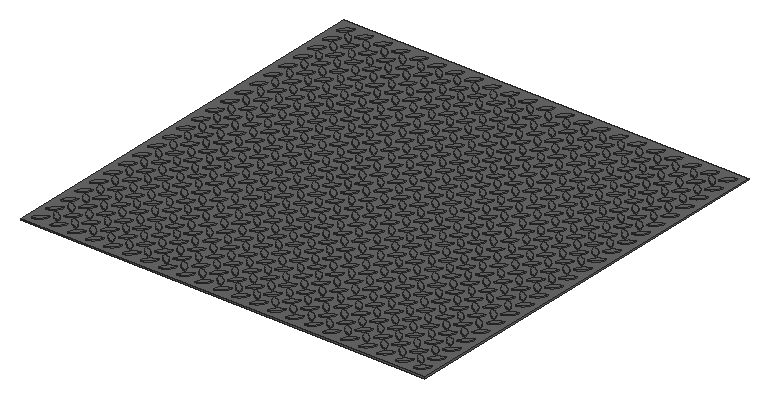
Revit family "141012021113804", category Modelos genéricos, Revit 2018 (continued)
Forms (mm)
  Blend 366, solid, material "Goma negro" <- "Material", detail levels fine
    top sketch origin (1323.494, 253.945, 0) x (-0.707107, -0.707107, 0) y (0.707107, -0.707107, 0)
      loop
        arc (794.539, -324.327) -> (799.889, -307.273) -> (794.539, -290.22) r 29.852
        arc (794.539, -290.22) -> (793.684, -289.773) -> (792.83, -290.22) r 1.041
    from 0 to 1
  Blend 367, solid, material "Goma negro" <- "Material", detail levels fine
    base sketch origin (133.555, 665.994, 0) x (0.707107, -0.707107, 0) y (0.707107, 0.707107, 0)
      loop
        arc (792.83, -290.22) -> (787.479, -307.273) -> (792.83, -324.327) r 29.852
        arc (792.83, -324.327) -> (793.684, -324.773) -> (794.539, -324.327) r 1.041
        arc (794.539, -324.327) -> (799.889, -307.273) -> (794.539, -290.22) r 29.852
        arc (794.539, -290.22) -> (793.684, -289.773) -> (792.83, -290.22) r 1.041
    top sketch origin (133.555, 665.994, 0) x (0.707107, -0.707107, 0) y (0.707107, 0.707107, 0)
      loop
        arc (792.83, -290.22) -> (787.479, -307.273) -> (792.83, -324.327) r 29.852
        arc (792.83, -324.327) -> (793.684, -324.773) -> (794.539, -324.327) r 1.041
        arc (794.539, -324.327) -> (799.889, -307.273) -> (794.539, -290.22) r 29.852
        arc (794.539, -290.22) -> (793.684, -289.773) -> (792.83, -290.22) r 1.041
    from 0 to 1
  Blend 368, solid, material "Goma negro" <- "Material", detail levels fine
    base sketch origin (1278.494, 253.945, 0) x (-0.707107, -0.707107, 0) y (0.707107, -0.707107, 0)
      loop
        arc (792.83, -290.22) -> (787.479, -307.273) -> (792.83, -324.327) r 29.852
        arc (792.83, -324.327) -> (793.684, -324.773) -> (794.539, -324.327) r 1.041
        arc (794.539, -324.327) -> (799.889, -307.273) -> (794.539, -290.22) r 29.852
        arc (794.539, -290.22) -> (793.684, -289.773) -> (792.83, -290.22) r 1.041
    top sketch origin (1278.494, 253.945, 0) x (-0.707107, -0.707107, 0) y (0.707107, -0.707107, 0)
      loop
        arc (792.83, -290.22) -> (787.479, -307.273) -> (792.83, -324.327) r 29.852
        arc (792.83, -324.327) -> (793.684, -324.773) -> (794.539, -324.327) r 1.041
        arc (794.539, -324.327) -> (799.889, -307.273) -> (794.539, -290.22) r 29.852
        arc (794.539, -290.22) -> (793.684, -289.773) -> (792.83, -290.22) r 1.041
    from 0 to 1
  Blend 369, solid, material "Goma negro" <- "Material", detail levels fine
    base sketch origin (88.555, 665.994, 0) x (0.707107, -0.707107, 0) y (0.707107, 0.707107, 0)
      loop
        arc (792.83, -290.22) -> (787.479, -307.273) -> (792.83, -324.327) r 29.852
        arc (792.83, -324.327) -> (793.684, -324.773) -> (794.539, -324.327) r 1.041
        arc (794.539, -324.327) -> (799.889, -307.273) -> (794.539, -290.22) r 29.852
        arc (794.539, -290.22) -> (793.684, -289.773) -> (792.83, -290.22) r 1.041
    top sketch origin (88.555, 665.994, 0) x (0.707107, -0.707107, 0) y (0.707107, 0.707107, 0)
      loop
        arc (792.83, -290.22) -> (787.479, -307.273) -> (792.83, -324.327) r 29.852
        arc (792.83, -324.327) -> (793.684, -324.773) -> (794.539, -324.327) r 1.041
        arc (794.539, -324.327) -> (799.889, -307.273) -> (794.539, -290.22) r 29.852
        arc (794.539, -290.22) -> (793.684, -289.773) -> (792.83, -290.22) r 1.041
    from 0 to 1
  Blend 370, solid, material "Goma negro" <- "Material", detail levels fine
    base sketch origin (1233.494, 253.945, 0) x (-0.707107, -0.707107, 0) y (0.707107, -0.707107, 0)
      loop
        arc (792.83, -290.22) -> (787.479, -307.273) -> (792.83, -324.327) r 29.852
        arc (792.83, -324.327) -> (793.684, -324.773) -> (794.539, -324.327) r 1.041
        arc (794.539, -324.327) -> (799.889, -307.273) -> (794.539, -290.22) r 29.852
        arc (794.539, -290.22) -> (793.684, -289.773) -> (792.83, -290.22) r 1.041
    top sketch origin (1233.494, 253.945, 0) x (-0.707107, -0.707107, 0) y (0.707107, -0.707107, 0)
      loop
        arc (792.83, -290.22) -> (787.479, -307.273) -> (792.83, -324.327) r 29.852
        arc (792.83, -324.327) -> (793.684, -324.773) -> (794.539, -324.327) r 1.041
        arc (794.539, -324.327) -> (799.889, -307.273) -> (794.539, -290.22) r 29.852
        arc (794.539, -290.22) -> (793.684, -289.773) -> (792.83, -290.22) r 1.041
    from 0 to 1
  Blend 371, solid, material "Goma negro" <- "Material", detail levels fine
    base sketch origin (43.555, 665.994, 0) x (0.707107, -0.707107, 0) y (0.707107, 0.707107, 0)
      loop
        arc (792.83, -290.22) -> (787.479, -307.273) -> (792.83, -324.327) r 29.852
        arc (792.83, -324.327) -> (793.684, -324.773) -> (794.539, -324.327) r 1.041
        arc (794.539, -324.327) -> (799.889, -307.273) -> (794.539, -290.22) r 29.852
        arc (794.539, -290.22) -> (793.684, -289.773) -> (792.83, -290.22) r 1.041
    top sketch origin (43.555, 665.994, 0) x (0.707107, -0.707107, 0) y (0.707107, 0.707107, 0)
      loop
        arc (792.83, -290.22) -> (787.479, -307.273) -> (792.83, -324.327) r 29.852
        arc (792.83, -324.327) -> (793.684, -324.773) -> (794.539, -324.327) r 1.041
        arc (794.539, -324.327) -> (799.889, -307.273) -> (794.539, -290.22) r 29.852
        arc (794.539, -290.22) -> (793.684, -289.773) -> (792.83, -290.22) r 1.041
    from 0 to 1
  Blend 372, solid, material "Goma negro" <- "Material", detail levels fine
    base sketch origin (1188.494, 253.945, 0) x (-0.707107, -0.707107, 0) y (0.707107, -0.707107, 0)
      loop
        arc (792.83, -290.22) -> (787.479, -307.273) -> (792.83, -324.327) r 29.852
        arc (792.83, -324.327) -> (793.684, -324.773) -> (794.539, -324.327) r 1.041
        arc (794.539, -324.327) -> (799.889, -307.273) -> (794.539, -290.22) r 29.852
        arc (794.539, -290.22) -> (793.684, -289.773) -> (792.83, -290.22) r 1.041
    top sketch origin (1188.494, 253.945, 0) x (-0.707107, -0.707107, 0) y (0.707107, -0.707107, 0)
      loop
        arc (792.83, -290.22) -> (787.479, -307.273) -> (792.83, -324.327) r 29.852
        arc (792.83, -324.327) -> (793.684, -324.773) -> (794.539, -324.327) r 1.041
        arc (794.539, -324.327) -> (799.889, -307.273) -> (794.539, -290.22) r 29.852
        arc (794.539, -290.22) -> (793.684, -289.773) -> (792.83, -290.22) r 1.041
    from 0 to 1
  Blend 373, solid, material "Goma negro" <- "Material", detail levels fine
    base sketch origin (-1.445, 665.994, 0) x (0.707107, -0.707107, 0) y (0.707107, 0.707107, 0)
      loop
        arc (792.83, -290.22) -> (787.479, -307.273) -> (792.83, -324.327) r 29.852
        arc (792.83, -324.327) -> (793.684, -324.773) -> (794.539, -324.327) r 1.041
        arc (794.539, -324.327) -> (799.889, -307.273) -> (794.539, -290.22) r 29.852
        arc (794.539, -290.22) -> (793.684, -289.773) -> (792.83, -290.22) r 1.041
    top sketch origin (-1.445, 665.994, 0) x (0.707107, -0.707107, 0) y (0.707107, 0.707107, 0)
      loop
        arc (792.83, -290.22) -> (787.479, -307.273) -> (792.83, -324.327) r 29.852
        arc (792.83, -324.327) -> (793.684, -324.773) -> (794.539, -324.327) r 1.041
        arc (794.539, -324.327) -> (799.889, -307.273) -> (794.539, -290.22) r 29.852
        arc (794.539, -290.22) -> (793.684, -289.773) -> (792.83, -290.22) r 1.041
    from 0 to 1
  Blend 374, solid, material "Goma negro" <- "Material", detail levels fine
    base sketch origin (1143.494, 253.945, 0) x (-0.707107, -0.707107, 0) y (0.707107, -0.707107, 0)
      loop
        arc (792.83, -290.22) -> (787.479, -307.273) -> (792.83, -324.327) r 29.852
        arc (792.83, -324.327) -> (793.684, -324.773) -> (794.539, -324.327) r 1.041
        arc (794.539, -324.327) -> (799.889, -307.273) -> (794.539, -290.22) r 29.852
        arc (794.539, -290.22) -> (793.684, -289.773) -> (792.83, -290.22) r 1.041
    top sketch origin (1143.494, 253.945, 0) x (-0.707107, -0.707107, 0) y (0.707107, -0.707107, 0)
      loop
        arc (792.83, -290.22) -> (787.479, -307.273) -> (792.83, -324.327) r 29.852
        arc (792.83, -324.327) -> (793.684, -324.773) -> (794.539, -324.327) r 1.041
        arc (794.539, -324.327) -> (799.889, -307.273) -> (794.539, -290.22) r 29.852
        arc (794.539, -290.22) -> (793.684, -289.773) -> (792.83, -290.22) r 1.041
    from 0 to 1
  Blend 375, solid, material "Goma negro" <- "Material", detail levels fine
    base sketch origin (-46.445, 665.994, 0) x (0.707107, -0.707107, 0) y (0.707107, 0.707107, 0)
      loop
        arc (792.83, -290.22) -> (787.479, -307.273) -> (792.83, -324.327) r 29.852
        arc (792.83, -324.327) -> (793.684, -324.773) -> (794.539, -324.327) r 1.041
        arc (794.539, -324.327) -> (799.889, -307.273) -> (794.539, -290.22) r 29.852
        arc (794.539, -290.22) -> (793.684, -289.773) -> (792.83, -290.22) r 1.041
    top sketch origin (-46.445, 665.994, 0) x (0.707107, -0.707107, 0) y (0.707107, 0.707107, 0)
      loop
        arc (792.83, -290.22) -> (787.479, -307.273) -> (792.83, -324.327) r 29.852
        arc (792.83, -324.327) -> (793.684, -324.773) -> (794.539, -324.327) r 1.041
        arc (794.539, -324.327) -> (799.889, -307.273) -> (794.539, -290.22) r 29.852
        arc (794.539, -290.22) -> (793.684, -289.773) -> (792.83, -290.22) r 1.041
    from 0 to 1
  Blend 376, solid, material "Goma negro" <- "Material", detail levels fine
    base sketch origin (1098.494, 253.945, 0) x (-0.707107, -0.707107, 0) y (0.707107, -0.707107, 0)
      loop
        arc (792.83, -290.22) -> (787.479, -307.273) -> (792.83, -324.327) r 29.852
        arc (792.83, -324.327) -> (793.684, -324.773) -> (794.539, -324.327) r 1.041
        arc (794.539, -324.327) -> (799.889, -307.273) -> (794.539, -290.22) r 29.852
        arc (794.539, -290.22) -> (793.684, -289.773) -> (792.83, -290.22) r 1.041
    top sketch origin (1098.494, 253.945, 0) x (-0.707107, -0.707107, 0) y (0.707107, -0.707107, 0)
      loop
        arc (792.83, -290.22) -> (787.479, -307.273) -> (792.83, -324.327) r 29.852
        arc (792.83, -324.327) -> (793.684, -324.773) -> (794.539, -324.327) r 1.041
        arc (794.539, -324.327) -> (799.889, -307.273) -> (794.539, -290.22) r 29.852
        arc (794.539, -290.22) -> (793.684, -289.773) -> (792.83, -290.22) r 1.041
    from 0 to 1
  Blend 377, solid, material "Goma negro" <- "Material", detail levels fine
    base sketch origin (-91.445, 665.994, 0) x (0.707107, -0.707107, 0) y (0.707107, 0.707107, 0)
      loop
        arc (792.83, -290.22) -> (787.479, -307.273) -> (792.83, -324.327) r 29.852
        arc (792.83, -324.327) -> (793.684, -324.773) -> (794.539, -324.327) r 1.041
        arc (794.539, -324.327) -> (799.889, -307.273) -> (794.539, -290.22) r 29.852
        arc (794.539, -290.22) -> (793.684, -289.773) -> (792.83, -290.22) r 1.041
    top sketch origin (-91.445, 665.994, 0) x (0.707107, -0.707107, 0) y (0.707107, 0.707107, 0)
      loop
        arc (792.83, -290.22) -> (787.479, -307.273) -> (792.83, -324.327) r 29.852
        arc (792.83, -324.327) -> (793.684, -324.773) -> (794.539, -324.327) r 1.041
        arc (794.539, -324.327) -> (799.889, -307.273) -> (794.539, -290.22) r 29.852
        arc (794.539, -290.22) -> (793.684, -289.773) -> (792.83, -290.22) r 1.041
    from 0 to 1
  Blend 378, solid, material "Goma negro" <- "Material", detail levels fine
    base sketch origin (1053.494, 253.945, 0) x (-0.707107, -0.707107, 0) y (0.707107, -0.707107, 0)
      loop
        arc (792.83, -290.22) -> (787.479, -307.273) -> (792.83, -324.327) r 29.852
        arc (792.83, -324.327) -> (793.684, -324.773) -> (794.539, -324.327) r 1.041
        arc (794.539, -324.327) -> (799.889, -307.273) -> (794.539, -290.22) r 29.852
        arc (794.539, -290.22) -> (793.684, -289.773) -> (792.83, -290.22) r 1.041
    top sketch origin (1053.494, 253.945, 0) x (-0.707107, -0.707107, 0) y (0.707107, -0.707107, 0)
      loop
        arc (792.83, -290.22) -> (787.479, -307.273) -> (792.83, -324.327) r 29.852
        arc (792.83, -324.327) -> (793.684, -324.773) -> (794.539, -324.327) r 1.041
        arc (794.539, -324.327) -> (799.889, -307.273) -> (794.539, -290.22) r 29.852
        arc (794.539, -290.22) -> (793.684, -289.773) -> (792.83, -290.22) r 1.041
    from 0 to 1
  Blend 379, solid, material "Goma negro" <- "Material", detail levels fine
    base sketch origin (-136.445, 665.994, 0) x (0.707107, -0.707107, 0) y (0.707107, 0.707107, 0)
      loop
        arc (792.83, -290.22) -> (787.479, -307.273) -> (792.83, -324.327) r 29.852
        arc (792.83, -324.327) -> (793.684, -324.773) -> (794.539, -324.327) r 1.041
        arc (794.539, -324.327) -> (799.889, -307.273) -> (794.539, -290.22) r 29.852
        arc (794.539, -290.22) -> (793.684, -289.773) -> (792.83, -290.22) r 1.041
    top sketch origin (-136.445, 665.994, 0) x (0.707107, -0.707107, 0) y (0.707107, 0.707107, 0)
      loop
        arc (792.83, -290.22) -> (787.479, -307.273) -> (792.83, -324.327) r 29.852
        arc (792.83, -324.327) -> (793.684, -324.773) -> (794.539, -324.327) r 1.041
        arc (794.539, -324.327) -> (799.889, -307.273) -> (794.539, -290.22) r 29.852
        arc (794.539, -290.22) -> (793.684, -289.773) -> (792.83, -290.22) r 1.041
    from 0 to 1
  Blend 380, solid, material "Goma negro" <- "Material", detail levels fine
    base sketch origin (1008.494, 253.945, 0) x (-0.707107, -0.707107, 0) y (0.707107, -0.707107, 0)
      loop
        arc (792.83, -290.22) -> (787.479, -307.273) -> (792.83, -324.327) r 29.852
        arc (792.83, -324.327) -> (793.684, -324.773) -> (794.539, -324.327) r 1.041
        arc (794.539, -324.327) -> (799.889, -307.273) -> (794.539, -290.22) r 29.852
        arc (794.539, -290.22) -> (793.684, -289.773) -> (792.83, -290.22) r 1.041
    top sketch origin (1008.494, 253.945, 0) x (-0.707107, -0.707107, 0) y (0.707107, -0.707107, 0)
      loop
        arc (792.83, -290.22) -> (787.479, -307.273) -> (792.83, -324.327) r 29.852
        arc (792.83, -324.327) -> (793.684, -324.773) -> (794.539, -324.327) r 1.041
        arc (794.539, -324.327) -> (799.889, -307.273) -> (794.539, -290.22) r 29.852
        arc (794.539, -290.22) -> (793.684, -289.773) -> (792.83, -290.22) r 1.041
    from 0 to 1
  Blend 381, solid, material "Goma negro" <- "Material", detail levels fine
    base sketch origin (-181.445, 665.994, 0) x (0.707107, -0.707107, 0) y (0.707107, 0.707107, 0)
      loop
        arc (792.83, -290.22) -> (787.479, -307.273) -> (792.83, -324.327) r 29.852
        arc (792.83, -324.327) -> (793.684, -324.773) -> (794.539, -324.327) r 1.041
        arc (794.539, -324.327) -> (799.889, -307.273) -> (794.539, -290.22) r 29.852
        arc (794.539, -290.22) -> (793.684, -289.773) -> (792.83, -290.22) r 1.041
    top sketch origin (-181.445, 665.994, 0) x (0.707107, -0.707107, 0) y (0.707107, 0.707107, 0)
      loop
        arc (792.83, -290.22) -> (787.479, -307.273) -> (792.83, -324.327) r 29.852
        arc (792.83, -324.327) -> (793.684, -324.773) -> (794.539, -324.327) r 1.041
        arc (794.539, -324.327) -> (799.889, -307.273) -> (794.539, -290.22) r 29.852
        arc (794.539, -290.22) -> (793.684, -289.773) -> (792.83, -290.22) r 1.041
    from 0 to 1
  Blend 382, solid, material "Goma negro" <- "Material", detail levels fine
    base sketch origin (963.494, 253.945, 0) x (-0.707107, -0.707107, 0) y (0.707107, -0.707107, 0)
      loop
        arc (792.83, -290.22) -> (787.479, -307.273) -> (792.83, -324.327) r 29.852
        arc (792.83, -324.327) -> (793.684, -324.773) -> (794.539, -324.327) r 1.041
        arc (794.539, -324.327) -> (799.889, -307.273) -> (794.539, -290.22) r 29.852
        arc (794.539, -290.22) -> (793.684, -289.773) -> (792.83, -290.22) r 1.041
    top sketch origin (963.494, 253.945, 0) x (-0.707107, -0.707107, 0) y (0.707107, -0.707107, 0)
      loop
        arc (792.83, -290.22) -> (787.479, -307.273) -> (792.83, -324.327) r 29.852
        arc (792.83, -324.327) -> (793.684, -324.773) -> (794.539, -324.327) r 1.041
        arc (794.539, -324.327) -> (799.889, -307.273) -> (794.539, -290.22) r 29.852
        arc (794.539, -290.22) -> (793.684, -289.773) -> (792.83, -290.22) r 1.041
    from 0 to 1
  Blend 383, solid, material "Goma negro" <- "Material", detail levels fine
    base sketch origin (-226.445, 665.994, 0) x (0.707107, -0.707107, 0) y (0.707107, 0.707107, 0)
      loop
        arc (792.83, -290.22) -> (787.479, -307.273) -> (792.83, -324.327) r 29.852
        arc (792.83, -324.327) -> (793.684, -324.773) -> (794.539, -324.327) r 1.041
        arc (794.539, -324.327) -> (799.889, -307.273) -> (794.539, -290.22) r 29.852
        arc (794.539, -290.22) -> (793.684, -289.773) -> (792.83, -290.22) r 1.041
    top sketch origin (-226.445, 665.994, 0) x (0.707107, -0.707107, 0) y (0.707107, 0.707107, 0)
      loop
        arc (792.83, -290.22) -> (787.479, -307.273) -> (792.83, -324.327) r 29.852
        arc (792.83, -324.327) -> (793.684, -324.773) -> (794.539, -324.327) r 1.041
        arc (794.539, -324.327) -> (799.889, -307.273) -> (794.539, -290.22) r 29.852
        arc (794.539, -290.22) -> (793.684, -289.773) -> (792.83, -290.22) r 1.041
    from 0 to 1
  Blend 384, solid, material "Goma negro" <- "Material", detail levels fine
    base sketch origin (918.494, 253.945, 0) x (-0.707107, -0.707107, 0) y (0.707107, -0.707107, 0)
      loop
        arc (792.83, -290.22) -> (787.479, -307.273) -> (792.83, -324.327) r 29.852
        arc (792.83, -324.327) -> (793.684, -324.773) -> (794.539, -324.327) r 1.041
        arc (794.539, -324.327) -> (799.889, -307.273) -> (794.539, -290.22) r 29.852
        arc (794.539, -290.22) -> (793.684, -289.773) -> (792.83, -290.22) r 1.041
    top sketch origin (918.494, 253.945, 0) x (-0.707107, -0.707107, 0) y (0.707107, -0.707107, 0)
      loop
        arc (792.83, -290.22) -> (787.479, -307.273) -> (792.83, -324.327) r 29.852
        arc (792.83, -324.327) -> (793.684, -324.773) -> (794.539, -324.327) r 1.041
        arc (794.539, -324.327) -> (799.889, -307.273) -> (794.539, -290.22) r 29.852
        arc (794.539, -290.22) -> (793.684, -289.773) -> (792.83, -290.22) r 1.041
    from 0 to 1
  Blend 385, solid, material "Goma negro" <- "Material", detail levels fine
    base sketch origin (-271.445, 665.994, 0) x (0.707107, -0.707107, 0) y (0.707107, 0.707107, 0)
      loop
        arc (792.83, -290.22) -> (787.479, -307.273) -> (792.83, -324.327) r 29.852
        arc (792.83, -324.327) -> (793.684, -324.773) -> (794.539, -324.327) r 1.041
        arc (794.539, -324.327) -> (799.889, -307.273) -> (794.539, -290.22) r 29.852
        arc (794.539, -290.22) -> (793.684, -289.773) -> (792.83, -290.22) r 1.041
    top sketch origin (-271.445, 665.994, 0) x (0.707107, -0.707107, 0) y (0.707107, 0.707107, 0)
      loop
        arc (792.83, -290.22) -> (787.479, -307.273) -> (792.83, -324.327) r 29.852
        arc (792.83, -324.327) -> (793.684, -324.773) -> (794.539, -324.327) r 1.041
        arc (794.539, -324.327) -> (799.889, -307.273) -> (794.539, -290.22) r 29.852
        arc (794.539, -290.22) -> (793.684, -289.773) -> (792.83, -290.22) r 1.041
    from 0 to 1
  Blend 386, solid, material "Goma negro" <- "Material", detail levels fine
    base sketch origin (873.494, 253.945, 0) x (-0.707107, -0.707107, 0) y (0.707107, -0.707107, 0)
      loop
        arc (792.83, -290.22) -> (787.479, -307.273) -> (792.83, -324.327) r 29.852
        arc (792.83, -324.327) -> (793.684, -324.773) -> (794.539, -324.327) r 1.041
        arc (794.539, -324.327) -> (799.889, -307.273) -> (794.539, -290.22) r 29.852
        arc (794.539, -290.22) -> (793.684, -289.773) -> (792.83, -290.22) r 1.041
    top sketch origin (873.494, 253.945, 0) x (-0.707107, -0.707107, 0) y (0.707107, -0.707107, 0)
      loop
        arc (792.83, -290.22) -> (787.479, -307.273) -> (792.83, -324.327) r 29.852
        arc (792.83, -324.327) -> (793.684, -324.773) -> (794.539, -324.327) r 1.041
        arc (794.539, -324.327) -> (799.889, -307.273) -> (794.539, -290.22) r 29.852
        arc (794.539, -290.22) -> (793.684, -289.773) -> (792.83, -290.22) r 1.041
    from 0 to 1
  Blend 387, solid, material "Goma negro" <- "Material", detail levels fine
    base sketch origin (-316.445, 665.994, 0) x (0.707107, -0.707107, 0) y (0.707107, 0.707107, 0)
      loop
        arc (792.83, -290.22) -> (787.479, -307.273) -> (792.83, -324.327) r 29.852
        arc (792.83, -324.327) -> (793.684, -324.773) -> (794.539, -324.327) r 1.041
        arc (794.539, -324.327) -> (799.889, -307.273) -> (794.539, -290.22) r 29.852
        arc (794.539, -290.22) -> (793.684, -289.773) -> (792.83, -290.22) r 1.041
    top sketch origin (-316.445, 665.994, 0) x (0.707107, -0.707107, 0) y (0.707107, 0.707107, 0)
      loop
        arc (792.83, -290.22) -> (787.479, -307.273) -> (792.83, -324.327) r 29.852
        arc (792.83, -324.327) -> (793.684, -324.773) -> (794.539, -324.327) r 1.041
        arc (794.539, -324.327) -> (799.889, -307.273) -> (794.539, -290.22) r 29.852
        arc (794.539, -290.22) -> (793.684, -289.773) -> (792.83, -290.22) r 1.041
    from 0 to 1
  Blend 388, solid, material "Goma negro" <- "Material", detail levels fine
    base sketch origin (828.494, 253.945, 0) x (-0.707107, -0.707107, 0) y (0.707107, -0.707107, 0)
      loop
        arc (792.83, -290.22) -> (787.479, -307.273) -> (792.83, -324.327) r 29.852
        arc (792.83, -324.327) -> (793.684, -324.773) -> (794.539, -324.327) r 1.041
        arc (794.539, -324.327) -> (799.889, -307.273) -> (794.539, -290.22) r 29.852
        arc (794.539, -290.22) -> (793.684, -289.773) -> (792.83, -290.22) r 1.041
    top sketch origin (828.494, 253.945, 0) x (-0.707107, -0.707107, 0) y (0.707107, -0.707107, 0)
      loop
        arc (792.83, -290.22) -> (787.479, -307.273) -> (792.83, -324.327) r 29.852
        arc (792.83, -324.327) -> (793.684, -324.773) -> (794.539, -324.327) r 1.041
        arc (794.539, -324.327) -> (799.889, -307.273) -> (794.539, -290.22) r 29.852
        arc (794.539, -290.22) -> (793.684, -289.773) -> (792.83, -290.22) r 1.041
    from 0 to 1
  Blend 389, solid, material "Goma negro" <- "Material", detail levels fine
    base sketch origin (628.555, 710.994, 0) x (0.707107, -0.707107, 0) y (0.707107, 0.707107, 0)
      loop
        arc (792.83, -290.22) -> (787.479, -307.273) -> (792.83, -324.327) r 29.852
        arc (792.83, -324.327) -> (793.684, -324.773) -> (794.539, -324.327) r 1.041
        arc (794.539, -324.327) -> (799.889, -307.273) -> (794.539, -290.22) r 29.852
        arc (794.539, -290.22) -> (793.684, -289.773) -> (792.83, -290.22) r 1.041
    top sketch origin (628.555, 710.994, 0) x (0.707107, -0.707107, 0) y (0.707107, 0.707107, 0)
      loop
        arc (792.83, -290.22) -> (787.479, -307.273) -> (792.83, -324.327) r 29.852
        arc (792.83, -324.327) -> (793.684, -324.773) -> (794.539, -324.327) r 1.041
        arc (794.539, -324.327) -> (799.889, -307.273) -> (794.539, -290.22) r 29.852
        arc (794.539, -290.22) -> (793.684, -289.773) -> (792.83, -290.22) r 1.041
    from 0 to 1
  Blend 390, solid, material "Goma negro" <- "Material", detail levels fine
    base sketch origin (583.555, 710.994, 0) x (0.707107, -0.707107, 0) y (0.707107, 0.707107, 0)
      loop
        arc (792.83, -290.22) -> (787.479, -307.273) -> (792.83, -324.327) r 29.852
        arc (792.83, -324.327) -> (793.684, -324.773) -> (794.539, -324.327) r 1.041
        arc (794.539, -324.327) -> (799.889, -307.273) -> (794.539, -290.22) r 29.852
        arc (794.539, -290.22) -> (793.684, -289.773) -> (792.83, -290.22) r 1.041
    top sketch origin (583.555, 710.994, 0) x (0.707107, -0.707107, 0) y (0.707107, 0.707107, 0)
      loop
        arc (792.83, -290.22) -> (787.479, -307.273) -> (792.83, -324.327) r 29.852
        arc (792.83, -324.327) -> (793.684, -324.773) -> (794.539, -324.327) r 1.041
        arc (794.539, -324.327) -> (799.889, -307.273) -> (794.539, -290.22) r 29.852
        arc (794.539, -290.22) -> (793.684, -289.773) -> (792.83, -290.22) r 1.041
    from 0 to 1
  Blend 391, solid, material "Goma negro" <- "Material", detail levels fine
    base sketch origin (1728.494, 298.945, 0) x (-0.707107, -0.707107, 0) y (0.707107, -0.707107, 0)
      loop
        arc (792.83, -290.22) -> (787.479, -307.273) -> (792.83, -324.327) r 29.852
        arc (792.83, -324.327) -> (793.684, -324.773) -> (794.539, -324.327) r 1.041
        arc (794.539, -324.327) -> (799.889, -307.273) -> (794.539, -290.22) r 29.852
        arc (794.539, -290.22) -> (793.684, -289.773) -> (792.83, -290.22) r 1.041
    top sketch origin (1728.494, 298.945, 0) x (-0.707107, -0.707107, 0) y (0.707107, -0.707107, 0)
      loop
        arc (792.83, -290.22) -> (787.479, -307.273) -> (792.83, -324.327) r 29.852
        arc (792.83, -324.327) -> (793.684, -324.773) -> (794.539, -324.327) r 1.041
        arc (794.539, -324.327) -> (799.889, -307.273) -> (794.539, -290.22) r 29.852
        arc (794.539, -290.22) -> (793.684, -289.773) -> (792.83, -290.22) r 1.041
    from 0 to 1
  Blend 392, solid, material "Goma negro" <- "Material", detail levels fine
    base sketch origin (538.555, 710.994, 0) x (0.707107, -0.707107, 0) y (0.707107, 0.707107, 0)
      loop
        arc (792.83, -290.22) -> (787.479, -307.273) -> (792.83, -324.327) r 29.852
        arc (792.83, -324.327) -> (793.684, -324.773) -> (794.539, -324.327) r 1.041
        arc (794.539, -324.327) -> (799.889, -307.273) -> (794.539, -290.22) r 29.852
        arc (794.539, -290.22) -> (793.684, -289.773) -> (792.83, -290.22) r 1.041
    top sketch origin (538.555, 710.994, 0) x (0.707107, -0.707107, 0) y (0.707107, 0.707107, 0)
      loop
        arc (792.83, -290.22) -> (787.479, -307.273) -> (792.83, -324.327) r 29.852
        arc (792.83, -324.327) -> (793.684, -324.773) -> (794.539, -324.327) r 1.041
        arc (794.539, -324.327) -> (799.889, -307.273) -> (794.539, -290.22) r 29.852
        arc (794.539, -290.22) -> (793.684, -289.773) -> (792.83, -290.22) r 1.041
    from 0 to 1
  Blend 393, solid, material "Goma negro" <- "Material", detail levels fine
    base sketch origin (1683.494, 298.945, 0) x (-0.707107, -0.707107, 0) y (0.707107, -0.707107, 0)
      loop
        arc (792.83, -290.22) -> (787.479, -307.273) -> (792.83, -324.327) r 29.852
        arc (792.83, -324.327) -> (793.684, -324.773) -> (794.539, -324.327) r 1.041
        arc (794.539, -324.327) -> (799.889, -307.273) -> (794.539, -290.22) r 29.852
        arc (794.539, -290.22) -> (793.684, -289.773) -> (792.83, -290.22) r 1.041
    top sketch origin (1683.494, 298.945, 0) x (-0.707107, -0.707107, 0) y (0.707107, -0.707107, 0)
      loop
        arc (792.83, -290.22) -> (787.479, -307.273) -> (792.83, -324.327) r 29.852
        arc (792.83, -324.327) -> (793.684, -324.773) -> (794.539, -324.327) r 1.041
        arc (794.539, -324.327) -> (799.889, -307.273) -> (794.539, -290.22) r 29.852
        arc (794.539, -290.22) -> (793.684, -289.773) -> (792.83, -290.22) r 1.041
    from 0 to 1
  Blend 394, solid, material "Goma negro" <- "Material", detail levels fine
    base sketch origin (493.555, 710.994, 0) x (0.707107, -0.707107, 0) y (0.707107, 0.707107, 0)
      loop
        arc (792.83, -290.22) -> (787.479, -307.273) -> (792.83, -324.327) r 29.852
        arc (792.83, -324.327) -> (793.684, -324.773) -> (794.539, -324.327) r 1.041
        arc (794.539, -324.327) -> (799.889, -307.273) -> (794.539, -290.22) r 29.852
        arc (794.539, -290.22) -> (793.684, -289.773) -> (792.83, -290.22) r 1.041
    top sketch origin (493.555, 710.994, 0) x (0.707107, -0.707107, 0) y (0.707107, 0.707107, 0)
      loop
        arc (792.83, -290.22) -> (787.479, -307.273) -> (792.83, -324.327) r 29.852
        arc (792.83, -324.327) -> (793.684, -324.773) -> (794.539, -324.327) r 1.041
        arc (794.539, -324.327) -> (799.889, -307.273) -> (794.539, -290.22) r 29.852
        arc (794.539, -290.22) -> (793.684, -289.773) -> (792.83, -290.22) r 1.041
    from 0 to 1
  Blend 395, solid, material "Goma negro" <- "Material", detail levels fine
    base sketch origin (1638.494, 298.945, 0) x (-0.707107, -0.707107, 0) y (0.707107, -0.707107, 0)
      loop
        arc (792.83, -290.22) -> (787.479, -307.273) -> (792.83, -324.327) r 29.852
        arc (792.83, -324.327) -> (793.684, -324.773) -> (794.539, -324.327) r 1.041
        arc (794.539, -324.327) -> (799.889, -307.273) -> (794.539, -290.22) r 29.852
        arc (794.539, -290.22) -> (793.684, -289.773) -> (792.83, -290.22) r 1.041
    top sketch origin (1638.494, 298.945, 0) x (-0.707107, -0.707107, 0) y (0.707107, -0.707107, 0)
      loop
        arc (792.83, -290.22) -> (787.479, -307.273) -> (792.83, -324.327) r 29.852
        arc (792.83, -324.327) -> (793.684, -324.773) -> (794.539, -324.327) r 1.041
        arc (794.539, -324.327) -> (799.889, -307.273) -> (794.539, -290.22) r 29.852
        arc (794.539, -290.22) -> (793.684, -289.773) -> (792.83, -290.22) r 1.041
    from 0 to 1
  Blend 396, solid, material "Goma negro" <- "Material", detail levels fine
    base sketch origin (448.555, 710.994, 0) x (0.707107, -0.707107, 0) y (0.707107, 0.707107, 0)
      loop
        arc (792.83, -290.22) -> (787.479, -307.273) -> (792.83, -324.327) r 29.852
        arc (792.83, -324.327) -> (793.684, -324.773) -> (794.539, -324.327) r 1.041
        arc (794.539, -324.327) -> (799.889, -307.273) -> (794.539, -290.22) r 29.852
        arc (794.539, -290.22) -> (793.684, -289.773) -> (792.83, -290.22) r 1.041
    top sketch origin (448.555, 710.994, 0) x (0.707107, -0.707107, 0) y (0.707107, 0.707107, 0)
      loop
        arc (792.83, -290.22) -> (787.479, -307.273) -> (792.83, -324.327) r 29.852
        arc (792.83, -324.327) -> (793.684, -324.773) -> (794.539, -324.327) r 1.041
        arc (794.539, -324.327) -> (799.889, -307.273) -> (794.539, -290.22) r 29.852
        arc (794.539, -290.22) -> (793.684, -289.773) -> (792.83, -290.22) r 1.041
    from 0 to 1
  Blend 397, solid, material "Goma negro" <- "Material", detail levels fine
    base sketch origin (1593.494, 298.945, 0) x (-0.707107, -0.707107, 0) y (0.707107, -0.707107, 0)
      loop
        arc (792.83, -290.22) -> (787.479, -307.273) -> (792.83, -324.327) r 29.852
        arc (792.83, -324.327) -> (793.684, -324.773) -> (794.539, -324.327) r 1.041
        arc (794.539, -324.327) -> (799.889, -307.273) -> (794.539, -290.22) r 29.852
        arc (794.539, -290.22) -> (793.684, -289.773) -> (792.83, -290.22) r 1.041
    top sketch origin (1593.494, 298.945, 0) x (-0.707107, -0.707107, 0) y (0.707107, -0.707107, 0)
      loop
        arc (792.83, -290.22) -> (787.479, -307.273) -> (792.83, -324.327) r 29.852
        arc (792.83, -324.327) -> (793.684, -324.773) -> (794.539, -324.327) r 1.041
        arc (794.539, -324.327) -> (799.889, -307.273) -> (794.539, -290.22) r 29.852
        arc (794.539, -290.22) -> (793.684, -289.773) -> (792.83, -290.22) r 1.041
    from 0 to 1
  Blend 398, solid, material "Goma negro" <- "Material", detail levels fine
    base sketch origin (403.555, 710.994, 0) x (0.707107, -0.707107, 0) y (0.707107, 0.707107, 0)
      loop
        arc (792.83, -290.22) -> (787.479, -307.273) -> (792.83, -324.327) r 29.852
        arc (792.83, -324.327) -> (793.684, -324.773) -> (794.539, -324.327) r 1.041
        arc (794.539, -324.327) -> (799.889, -307.273) -> (794.539, -290.22) r 29.852
        arc (794.539, -290.22) -> (793.684, -289.773) -> (792.83, -290.22) r 1.041
    top sketch origin (403.555, 710.994, 0) x (0.707107, -0.707107, 0) y (0.707107, 0.707107, 0)
      loop
        arc (792.83, -290.22) -> (787.479, -307.273) -> (792.83, -324.327) r 29.852
        arc (792.83, -324.327) -> (793.684, -324.773) -> (794.539, -324.327) r 1.041
        arc (794.539, -324.327) -> (799.889, -307.273) -> (794.539, -290.22) r 29.852
        arc (794.539, -290.22) -> (793.684, -289.773) -> (792.83, -290.22) r 1.041
    from 0 to 1
  Blend 399, solid, material "Goma negro" <- "Material", detail levels fine
    base sketch origin (1548.494, 298.945, 0) x (-0.707107, -0.707107, 0) y (0.707107, -0.707107, 0)
      loop
        arc (792.83, -290.22) -> (787.479, -307.273) -> (792.83, -324.327) r 29.852
        arc (792.83, -324.327) -> (793.684, -324.773) -> (794.539, -324.327) r 1.041
        arc (794.539, -324.327) -> (799.889, -307.273) -> (794.539, -290.22) r 29.852
        arc (794.539, -290.22) -> (793.684, -289.773) -> (792.83, -290.22) r 1.041
    top sketch origin (1548.494, 298.945, 0) x (-0.707107, -0.707107, 0) y (0.707107, -0.707107, 0)
      loop
        arc (792.83, -290.22) -> (787.479, -307.273) -> (792.83, -324.327) r 29.852
        arc (792.83, -324.327) -> (793.684, -324.773) -> (794.539, -324.327) r 1.041
        arc (794.539, -324.327) -> (799.889, -307.273) -> (794.539, -290.22) r 29.852
        arc (794.539, -290.22) -> (793.684, -289.773) -> (792.83, -290.22) r 1.041
    from 0 to 1
  Blend 400, solid, material "Goma negro" <- "Material", detail levels fine
    base sketch origin (358.555, 710.994, 0) x (0.707107, -0.707107, 0) y (0.707107, 0.707107, 0)
      loop
        arc (792.83, -290.22) -> (787.479, -307.273) -> (792.83, -324.327) r 29.852
        arc (792.83, -324.327) -> (793.684, -324.773) -> (794.539, -324.327) r 1.041
        arc (794.539, -324.327) -> (799.889, -307.273) -> (794.539, -290.22) r 29.852
        arc (794.539, -290.22) -> (793.684, -289.773) -> (792.83, -290.22) r 1.041
    top sketch origin (358.555, 710.994, 0) x (0.707107, -0.707107, 0) y (0.707107, 0.707107, 0)
      loop
        arc (792.83, -290.22) -> (787.479, -307.273) -> (792.83, -324.327) r 29.852
        arc (792.83, -324.327) -> (793.684, -324.773) -> (794.539, -324.327) r 1.041
        arc (794.539, -324.327) -> (799.889, -307.273) -> (794.539, -290.22) r 29.852
        arc (794.539, -290.22) -> (793.684, -289.773) -> (792.83, -290.22) r 1.041
    from 0 to 1
  Blend 401, solid, material "Goma negro" <- "Material", detail levels fine
    base sketch origin (1503.494, 298.945, 0) x (-0.707107, -0.707107, 0) y (0.707107, -0.707107, 0)
      loop
        arc (792.83, -290.22) -> (787.479, -307.273) -> (792.83, -324.327) r 29.852
        arc (792.83, -324.327) -> (793.684, -324.773) -> (794.539, -324.327) r 1.041
        arc (794.539, -324.327) -> (799.889, -307.273) -> (794.539, -290.22) r 29.852
        arc (794.539, -290.22) -> (793.684, -289.773) -> (792.83, -290.22) r 1.041
    top sketch origin (1503.494, 298.945, 0) x (-0.707107, -0.707107, 0) y (0.707107, -0.707107, 0)
      loop
        arc (792.83, -290.22) -> (787.479, -307.273) -> (792.83, -324.327) r 29.852
        arc (792.83, -324.327) -> (793.684, -324.773) -> (794.539, -324.327) r 1.041
        arc (794.539, -324.327) -> (799.889, -307.273) -> (794.539, -290.22) r 29.852
        arc (794.539, -290.22) -> (793.684, -289.773) -> (792.83, -290.22) r 1.041
    from 0 to 1
  Blend 402, solid, material "Goma negro" <- "Material", detail levels fine
    base sketch origin (313.555, 710.994, 0) x (0.707107, -0.707107, 0) y (0.707107, 0.707107, 0)
      loop
        arc (792.83, -290.22) -> (787.479, -307.273) -> (792.83, -324.327) r 29.852
        arc (792.83, -324.327) -> (793.684, -324.773) -> (794.539, -324.327) r 1.041
        arc (794.539, -324.327) -> (799.889, -307.273) -> (794.539, -290.22) r 29.852
        arc (794.539, -290.22) -> (793.684, -289.773) -> (792.83, -290.22) r 1.041
    top sketch origin (313.555, 710.994, 0) x (0.707107, -0.707107, 0) y (0.707107, 0.707107, 0)
      loop
        arc (792.83, -290.22) -> (787.479, -307.273) -> (792.83, -324.327) r 29.852
        arc (792.83, -324.327) -> (793.684, -324.773) -> (794.539, -324.327) r 1.041
        arc (794.539, -324.327) -> (799.889, -307.273) -> (794.539, -290.22) r 29.852
        arc (794.539, -290.22) -> (793.684, -289.773) -> (792.83, -290.22) r 1.041
    from 0 to 1
  Blend 403, solid, material "Goma negro" <- "Material", detail levels fine
    base sketch origin (1458.494, 298.945, 0) x (-0.707107, -0.707107, 0) y (0.707107, -0.707107, 0)
      loop
        arc (792.83, -290.22) -> (787.479, -307.273) -> (792.83, -324.327) r 29.852
        arc (792.83, -324.327) -> (793.684, -324.773) -> (794.539, -324.327) r 1.041
        arc (794.539, -324.327) -> (799.889, -307.273) -> (794.539, -290.22) r 29.852
        arc (794.539, -290.22) -> (793.684, -289.773) -> (792.83, -290.22) r 1.041
    top sketch origin (1458.494, 298.945, 0) x (-0.707107, -0.707107, 0) y (0.707107, -0.707107, 0)
      loop
        arc (792.83, -290.22) -> (787.479, -307.273) -> (792.83, -324.327) r 29.852
        arc (792.83, -324.327) -> (793.684, -324.773) -> (794.539, -324.327) r 1.041
        arc (794.539, -324.327) -> (799.889, -307.273) -> (794.539, -290.22) r 29.852
        arc (794.539, -290.22) -> (793.684, -289.773) -> (792.83, -290.22) r 1.041
    from 0 to 1
  Blend 404, solid, material "Goma negro" <- "Material", detail levels fine
    base sketch origin (268.555, 710.994, 0) x (0.707107, -0.707107, 0) y (0.707107, 0.707107, 0)
      loop
        arc (792.83, -290.22) -> (787.479, -307.273) -> (792.83, -324.327) r 29.852
        arc (792.83, -324.327) -> (793.684, -324.773) -> (794.539, -324.327) r 1.041
        arc (794.539, -324.327) -> (799.889, -307.273) -> (794.539, -290.22) r 29.852
        arc (794.539, -290.22) -> (793.684, -289.773) -> (792.83, -290.22) r 1.041
    top sketch origin (268.555, 710.994, 0) x (0.707107, -0.707107, 0) y (0.707107, 0.707107, 0)
      loop
        arc (792.83, -290.22) -> (787.479, -307.273) -> (792.83, -324.327) r 29.852
        arc (792.83, -324.327) -> (793.684, -324.773) -> (794.539, -324.327) r 1.041
        arc (794.539, -324.327) -> (799.889, -307.273) -> (794.539, -290.22) r 29.852
        arc (794.539, -290.22) -> (793.684, -289.773) -> (792.83, -290.22) r 1.041
    from 0 to 1
  Blend 405, solid, material "Goma negro" <- "Material", detail levels fine
    base sketch origin (1413.494, 298.945, 0) x (-0.707107, -0.707107, 0) y (0.707107, -0.707107, 0)
      loop
        arc (792.83, -290.22) -> (787.479, -307.273) -> (792.83, -324.327) r 29.852
        arc (792.83, -324.327) -> (793.684, -324.773) -> (794.539, -324.327) r 1.041
        arc (794.539, -324.327) -> (799.889, -307.273) -> (794.539, -290.22) r 29.852
        arc (794.539, -290.22) -> (793.684, -289.773) -> (792.83, -290.22) r 1.041
    top sketch origin (1413.494, 298.945, 0) x (-0.707107, -0.707107, 0) y (0.707107, -0.707107, 0)
      loop
        arc (792.83, -290.22) -> (787.479, -307.273) -> (792.83, -324.327) r 29.852
        arc (792.83, -324.327) -> (793.684, -324.773) -> (794.539, -324.327) r 1.041
        arc (794.539, -324.327) -> (799.889, -307.273) -> (794.539, -290.22) r 29.852
        arc (794.539, -290.22) -> (793.684, -289.773) -> (792.83, -290.22) r 1.041
    from 0 to 1
  Blend 406, solid, material "Goma negro" <- "Material", detail levels fine
    base sketch origin (223.555, 710.994, 0) x (0.707107, -0.707107, 0) y (0.707107, 0.707107, 0)
      loop
        arc (792.83, -290.22) -> (787.479, -307.273) -> (792.83, -324.327) r 29.852
        arc (792.83, -324.327) -> (793.684, -324.773) -> (794.539, -324.327) r 1.041
        arc (794.539, -324.327) -> (799.889, -307.273) -> (794.539, -290.22) r 29.852
        arc (794.539, -290.22) -> (793.684, -289.773) -> (792.83, -290.22) r 1.041
    top sketch origin (223.555, 710.994, 0) x (0.707107, -0.707107, 0) y (0.707107, 0.707107, 0)
      loop
        arc (792.83, -290.22) -> (787.479, -307.273) -> (792.83, -324.327) r 29.852
        arc (792.83, -324.327) -> (793.684, -324.773) -> (794.539, -324.327) r 1.041
        arc (794.539, -324.327) -> (799.889, -307.273) -> (794.539, -290.22) r 29.852
        arc (794.539, -290.22) -> (793.684, -289.773) -> (792.83, -290.22) r 1.041
    from 0 to 1
  Blend 407, solid, material "Goma negro" <- "Material", detail levels fine
    base sketch origin (1368.494, 298.945, 0) x (-0.707107, -0.707107, 0) y (0.707107, -0.707107, 0)
      loop
        arc (792.83, -290.22) -> (787.479, -307.273) -> (792.83, -324.327) r 29.852
        arc (792.83, -324.327) -> (793.684, -324.773) -> (794.539, -324.327) r 1.041
        arc (794.539, -324.327) -> (799.889, -307.273) -> (794.539, -290.22) r 29.852
        arc (794.539, -290.22) -> (793.684, -289.773) -> (792.83, -290.22) r 1.041
    top sketch origin (1368.494, 298.945, 0) x (-0.707107, -0.707107, 0) y (0.707107, -0.707107, 0)
      loop
        arc (792.83, -290.22) -> (787.479, -307.273) -> (792.83, -324.327) r 29.852
        arc (792.83, -324.327) -> (793.684, -324.773) -> (794.539, -324.327) r 1.041
        arc (794.539, -324.327) -> (799.889, -307.273) -> (794.539, -290.22) r 29.852
        arc (794.539, -290.22) -> (793.684, -289.773) -> (792.83, -290.22) r 1.041
    from 0 to 1
  Blend 408, solid, material "Goma negro" <- "Material", detail levels fine
    base sketch origin (178.555, 710.994, 0) x (0.707107, -0.707107, 0) y (0.707107, 0.707107, 0)
      loop
        arc (792.83, -290.22) -> (787.479, -307.273) -> (792.83, -324.327) r 29.852
        arc (792.83, -324.327) -> (793.684, -324.773) -> (794.539, -324.327) r 1.041
        arc (794.539, -324.327) -> (799.889, -307.273) -> (794.539, -290.22) r 29.852
        arc (794.539, -290.22) -> (793.684, -289.773) -> (792.83, -290.22) r 1.041
    top sketch origin (178.555, 710.994, 0) x (0.707107, -0.707107, 0) y (0.707107, 0.707107, 0)
      loop
        arc (792.83, -290.22) -> (787.479, -307.273) -> (792.83, -324.327) r 29.852
        arc (792.83, -324.327) -> (793.684, -324.773) -> (794.539, -324.327) r 1.041
        arc (794.539, -324.327) -> (799.889, -307.273) -> (794.539, -290.22) r 29.852
        arc (794.539, -290.22) -> (793.684, -289.773) -> (792.83, -290.22) r 1.041
    from 0 to 1
  Blend 409, solid, material "Goma negro" <- "Material", detail levels fine
    base sketch origin (1323.494, 298.945, 0) x (-0.707107, -0.707107, 0) y (0.707107, -0.707107, 0)
      loop
        arc (792.83, -290.22) -> (787.479, -307.273) -> (792.83, -324.327) r 29.852
        arc (792.83, -324.327) -> (793.684, -324.773) -> (794.539, -324.327) r 1.041
        arc (794.539, -324.327) -> (799.889, -307.273) -> (794.539, -290.22) r 29.852
        arc (794.539, -290.22) -> (793.684, -289.773) -> (792.83, -290.22) r 1.041
    top sketch origin (1323.494, 298.945, 0) x (-0.707107, -0.707107, 0) y (0.707107, -0.707107, 0)
      loop
        arc (792.83, -290.22) -> (787.479, -307.273) -> (792.83, -324.327) r 29.852
        arc (792.83, -324.327) -> (793.684, -324.773) -> (794.539, -324.327) r 1.041
        arc (794.539, -324.327) -> (799.889, -307.273) -> (794.539, -290.22) r 29.852
        arc (794.539, -290.22) -> (793.684, -289.773) -> (792.83, -290.22) r 1.041
    from 0 to 1
  Blend 410, solid, material "Goma negro" <- "Material", detail levels fine
    base sketch origin (133.555, 710.994, 0) x (0.707107, -0.707107, 0) y (0.707107, 0.707107, 0)
      loop
        arc (792.83, -290.22) -> (787.479, -307.273) -> (792.83, -324.327) r 29.852
        arc (792.83, -324.327) -> (793.684, -324.773) -> (794.539, -324.327) r 1.041
        arc (794.539, -324.327) -> (799.889, -307.273) -> (794.539, -290.22) r 29.852
        arc (794.539, -290.22) -> (793.684, -289.773) -> (792.83, -290.22) r 1.041
    top sketch origin (133.555, 710.994, 0) x (0.707107, -0.707107, 0) y (0.707107, 0.707107, 0)
      loop
        arc (792.83, -290.22) -> (787.479, -307.273) -> (792.83, -324.327) r 29.852
        arc (792.83, -324.327) -> (793.684, -324.773) -> (794.539, -324.327) r 1.041
        arc (794.539, -324.327) -> (799.889, -307.273) -> (794.539, -290.22) r 29.852
        arc (794.539, -290.22) -> (793.684, -289.773) -> (792.83, -290.22) r 1.041
    from 0 to 1
  Blend 411, solid, material "Goma negro" <- "Material", detail levels fine
    base sketch origin (1278.494, 298.945, 0) x (-0.707107, -0.707107, 0) y (0.707107, -0.707107, 0)
      loop
        arc (792.83, -290.22) -> (787.479, -307.273) -> (792.83, -324.327) r 29.852
        arc (792.83, -324.327) -> (793.684, -324.773) -> (794.539, -324.327) r 1.041
        arc (794.539, -324.327) -> (799.889, -307.273) -> (794.539, -290.22) r 29.852
        arc (794.539, -290.22) -> (793.684, -289.773) -> (792.83, -290.22) r 1.041
    top sketch origin (1278.494, 298.945, 0) x (-0.707107, -0.707107, 0) y (0.707107, -0.707107, 0)
      loop
        arc (792.83, -290.22) -> (787.479, -307.273) -> (792.83, -324.327) r 29.852
        arc (792.83, -324.327) -> (793.684, -324.773) -> (794.539, -324.327) r 1.041
        arc (794.539, -324.327) -> (799.889, -307.273) -> (794.539, -290.22) r 29.852
        arc (794.539, -290.22) -> (793.684, -289.773) -> (792.83, -290.22) r 1.041
    from 0 to 1
  Blend 412, solid, material "Goma negro" <- "Material", detail levels fine
    base sketch origin (88.555, 710.994, 0) x (0.707107, -0.707107, 0) y (0.707107, 0.707107, 0)
      loop
        arc (792.83, -290.22) -> (787.479, -307.273) -> (792.83, -324.327) r 29.852
        arc (792.83, -324.327) -> (793.684, -324.773) -> (794.539, -324.327) r 1.041
        arc (794.539, -324.327) -> (799.889, -307.273) -> (794.539, -290.22) r 29.852
        arc (794.539, -290.22) -> (793.684, -289.773) -> (792.83, -290.22) r 1.041
    top sketch origin (88.555, 710.994, 0) x (0.707107, -0.707107, 0) y (0.707107, 0.707107, 0)
      loop
        arc (792.83, -290.22) -> (787.479, -307.273) -> (792.83, -324.327) r 29.852
        arc (792.83, -324.327) -> (793.684, -324.773) -> (794.539, -324.327) r 1.041
        arc (794.539, -324.327) -> (799.889, -307.273) -> (794.539, -290.22) r 29.852
        arc (794.539, -290.22) -> (793.684, -289.773) -> (792.83, -290.22) r 1.041
    from 0 to 1
  Blend 413, solid, material "Goma negro" <- "Material", detail levels fine
    base sketch origin (1233.494, 298.945, 0) x (-0.707107, -0.707107, 0) y (0.707107, -0.707107, 0)
      loop
        arc (792.83, -290.22) -> (787.479, -307.273) -> (792.83, -324.327) r 29.852
        arc (792.83, -324.327) -> (793.684, -324.773) -> (794.539, -324.327) r 1.041
        arc (794.539, -324.327) -> (799.889, -307.273) -> (794.539, -290.22) r 29.852
        arc (794.539, -290.22) -> (793.684, -289.773) -> (792.83, -290.22) r 1.041
    top sketch origin (1233.494, 298.945, 0) x (-0.707107, -0.707107, 0) y (0.707107, -0.707107, 0)
      loop
        arc (792.83, -290.22) -> (787.479, -307.273) -> (792.83, -324.327) r 29.852
        arc (792.83, -324.327) -> (793.684, -324.773) -> (794.539, -324.327) r 1.041
        arc (794.539, -324.327) -> (799.889, -307.273) -> (794.539, -290.22) r 29.852
        arc (794.539, -290.22) -> (793.684, -289.773) -> (792.83, -290.22) r 1.041
    from 0 to 1
  Blend 414, solid, material "Goma negro" <- "Material", detail levels fine
    base sketch origin (43.555, 710.994, 0) x (0.707107, -0.707107, 0) y (0.707107, 0.707107, 0)
      loop
        arc (792.83, -290.22) -> (787.479, -307.273) -> (792.83, -324.327) r 29.852
        arc (792.83, -324.327) -> (793.684, -324.773) -> (794.539, -324.327) r 1.041
        arc (794.539, -324.327) -> (799.889, -307.273) -> (794.539, -290.22) r 29.852
        arc (794.539, -290.22) -> (793.684, -289.773) -> (792.83, -290.22) r 1.041
    top sketch origin (43.555, 710.994, 0) x (0.707107, -0.707107, 0) y (0.707107, 0.707107, 0)
      loop
        arc (792.83, -290.22) -> (787.479, -307.273) -> (792.83, -324.327) r 29.852
        arc (792.83, -324.327) -> (793.684, -324.773) -> (794.539, -324.327) r 1.041
        arc (794.539, -324.327) -> (799.889, -307.273) -> (794.539, -290.22) r 29.852
        arc (794.539, -290.22) -> (793.684, -289.773) -> (792.83, -290.22) r 1.041
    from 0 to 1
  Blend 415, solid, material "Goma negro" <- "Material", detail levels fine
    base sketch origin (1188.494, 298.945, 0) x (-0.707107, -0.707107, 0) y (0.707107, -0.707107, 0)
      loop
        arc (792.83, -290.22) -> (787.479, -307.273) -> (792.83, -324.327) r 29.852
        arc (792.83, -324.327) -> (793.684, -324.773) -> (794.539, -324.327) r 1.041
        arc (794.539, -324.327) -> (799.889, -307.273) -> (794.539, -290.22) r 29.852
        arc (794.539, -290.22) -> (793.684, -289.773) -> (792.83, -290.22) r 1.041
    top sketch origin (1188.494, 298.945, 0) x (-0.707107, -0.707107, 0) y (0.707107, -0.707107, 0)
      loop
        arc (792.83, -290.22) -> (787.479, -307.273) -> (792.83, -324.327) r 29.852
        arc (792.83, -324.327) -> (793.684, -324.773) -> (794.539, -324.327) r 1.041
        arc (794.539, -324.327) -> (799.889, -307.273) -> (794.539, -290.22) r 29.852
        arc (794.539, -290.22) -> (793.684, -289.773) -> (792.83, -290.22) r 1.041
    from 0 to 1
  Blend 416, solid, material "Goma negro" <- "Material", detail levels fine
    base sketch origin (-1.445, 710.994, 0) x (0.707107, -0.707107, 0) y (0.707107, 0.707107, 0)
      loop
        arc (792.83, -290.22) -> (787.479, -307.273) -> (792.83, -324.327) r 29.852
        arc (792.83, -324.327) -> (793.684, -324.773) -> (794.539, -324.327) r 1.041
        arc (794.539, -324.327) -> (799.889, -307.273) -> (794.539, -290.22) r 29.852
        arc (794.539, -290.22) -> (793.684, -289.773) -> (792.83, -290.22) r 1.041
    top sketch origin (-1.445, 710.994, 0) x (0.707107, -0.707107, 0) y (0.707107, 0.707107, 0)
      loop
        arc (792.83, -290.22) -> (787.479, -307.273) -> (792.83, -324.327) r 29.852
        arc (792.83, -324.327) -> (793.684, -324.773) -> (794.539, -324.327) r 1.041
        arc (794.539, -324.327) -> (799.889, -307.273) -> (794.539, -290.22) r 29.852
        arc (794.539, -290.22) -> (793.684, -289.773) -> (792.83, -290.22) r 1.041
    from 0 to 1
  Blend 417, solid, material "Goma negro" <- "Material", detail levels fine
    base sketch origin (1143.494, 298.945, 0) x (-0.707107, -0.707107, 0) y (0.707107, -0.707107, 0)
      loop
        arc (792.83, -290.22) -> (787.479, -307.273) -> (792.83, -324.327) r 29.852
        arc (792.83, -324.327) -> (793.684, -324.773) -> (794.539, -324.327) r 1.041
        arc (794.539, -324.327) -> (799.889, -307.273) -> (794.539, -290.22) r 29.852
        arc (794.539, -290.22) -> (793.684, -289.773) -> (792.83, -290.22) r 1.041
    top sketch origin (1143.494, 298.945, 0) x (-0.707107, -0.707107, 0) y (0.707107, -0.707107, 0)
      loop
        arc (792.83, -290.22) -> (787.479, -307.273) -> (792.83, -324.327) r 29.852
        arc (792.83, -324.327) -> (793.684, -324.773) -> (794.539, -324.327) r 1.041
        arc (794.539, -324.327) -> (799.889, -307.273) -> (794.539, -290.22) r 29.852
        arc (794.539, -290.22) -> (793.684, -289.773) -> (792.83, -290.22) r 1.041
    from 0 to 1
  Blend 418, solid, material "Goma negro" <- "Material", detail levels fine
    base sketch origin (-46.445, 710.994, 0) x (0.707107, -0.707107, 0) y (0.707107, 0.707107, 0)
      loop
        arc (792.83, -290.22) -> (787.479, -307.273) -> (792.83, -324.327) r 29.852
        arc (792.83, -324.327) -> (793.684, -324.773) -> (794.539, -324.327) r 1.041
        arc (794.539, -324.327) -> (799.889, -307.273) -> (794.539, -290.22) r 29.852
        arc (794.539, -290.22) -> (793.684, -289.773) -> (792.83, -290.22) r 1.041
    top sketch origin (-46.445, 710.994, 0) x (0.707107, -0.707107, 0) y (0.707107, 0.707107, 0)
      loop
        arc (792.83, -290.22) -> (787.479, -307.273) -> (792.83, -324.327) r 29.852
        arc (792.83, -324.327) -> (793.684, -324.773) -> (794.539, -324.327) r 1.041
        arc (794.539, -324.327) -> (799.889, -307.273) -> (794.539, -290.22) r 29.852
        arc (794.539, -290.22) -> (793.684, -289.773) -> (792.83, -290.22) r 1.041
    from 0 to 1
  Blend 419, solid, material "Goma negro" <- "Material", detail levels fine
    base sketch origin (1098.494, 298.945, 0) x (-0.707107, -0.707107, 0) y (0.707107, -0.707107, 0)
      loop
        arc (792.83, -290.22) -> (787.479, -307.273) -> (792.83, -324.327) r 29.852
        arc (792.83, -324.327) -> (793.684, -324.773) -> (794.539, -324.327) r 1.041
        arc (794.539, -324.327) -> (799.889, -307.273) -> (794.539, -290.22) r 29.852
        arc (794.539, -290.22) -> (793.684, -289.773) -> (792.83, -290.22) r 1.041
    top sketch origin (1098.494, 298.945, 0) x (-0.707107, -0.707107, 0) y (0.707107, -0.707107, 0)
      loop
        arc (792.83, -290.22) -> (787.479, -307.273) -> (792.83, -324.327) r 29.852
        arc (792.83, -324.327) -> (793.684, -324.773) -> (794.539, -324.327) r 1.041
        arc (794.539, -324.327) -> (799.889, -307.273) -> (794.539, -290.22) r 29.852
        arc (794.539, -290.22) -> (793.684, -289.773) -> (792.83, -290.22) r 1.041
    from 0 to 1
  Blend 420, solid, material "Goma negro" <- "Material", detail levels fine
    base sketch origin (-91.445, 710.994, 0) x (0.707107, -0.707107, 0) y (0.707107, 0.707107, 0)
      loop
        arc (792.83, -290.22) -> (787.479, -307.273) -> (792.83, -324.327) r 29.852
        arc (792.83, -324.327) -> (793.684, -324.773) -> (794.539, -324.327) r 1.041
        arc (794.539, -324.327) -> (799.889, -307.273) -> (794.539, -290.22) r 29.852
        arc (794.539, -290.22) -> (793.684, -289.773) -> (792.83, -290.22) r 1.041
    top sketch origin (-91.445, 710.994, 0) x (0.707107, -0.707107, 0) y (0.707107, 0.707107, 0)
      loop
        arc (792.83, -290.22) -> (787.479, -307.273) -> (792.83, -324.327) r 29.852
        arc (792.83, -324.327) -> (793.684, -324.773) -> (794.539, -324.327) r 1.041
        arc (794.539, -324.327) -> (799.889, -307.273) -> (794.539, -290.22) r 29.852
        arc (794.539, -290.22) -> (793.684, -289.773) -> (792.83, -290.22) r 1.041
    from 0 to 1
  Blend 421, solid, material "Goma negro" <- "Material", detail levels fine
    base sketch origin (1053.494, 298.945, 0) x (-0.707107, -0.707107, 0) y (0.707107, -0.707107, 0)
      loop
        arc (792.83, -290.22) -> (787.479, -307.273) -> (792.83, -324.327) r 29.852
        arc (792.83, -324.327) -> (793.684, -324.773) -> (794.539, -324.327) r 1.041
        arc (794.539, -324.327) -> (799.889, -307.273) -> (794.539, -290.22) r 29.852
        arc (794.539, -290.22) -> (793.684, -289.773) -> (792.83, -290.22) r 1.041
    top sketch origin (1053.494, 298.945, 0) x (-0.707107, -0.707107, 0) y (0.707107, -0.707107, 0)
      loop
        arc (792.83, -290.22) -> (787.479, -307.273) -> (792.83, -324.327) r 29.852
        arc (792.83, -324.327) -> (793.684, -324.773) -> (794.539, -324.327) r 1.041
        arc (794.539, -324.327) -> (799.889, -307.273) -> (794.539, -290.22) r 29.852
        arc (794.539, -290.22) -> (793.684, -289.773) -> (792.83, -290.22) r 1.041
    from 0 to 1
  Blend 422, solid, material "Goma negro" <- "Material", detail levels fine
    base sketch origin (-136.445, 710.994, 0) x (0.707107, -0.707107, 0) y (0.707107, 0.707107, 0)
      loop
        arc (792.83, -290.22) -> (787.479, -307.273) -> (792.83, -324.327) r 29.852
        arc (792.83, -324.327) -> (793.684, -324.773) -> (794.539, -324.327) r 1.041
        arc (794.539, -324.327) -> (799.889, -307.273) -> (794.539, -290.22) r 29.852
        arc (794.539, -290.22) -> (793.684, -289.773) -> (792.83, -290.22) r 1.041
    top sketch origin (-136.445, 710.994, 0) x (0.707107, -0.707107, 0) y (0.707107, 0.707107, 0)
      loop
        arc (792.83, -290.22) -> (787.479, -307.273) -> (792.83, -324.327) r 29.852
        arc (792.83, -324.327) -> (793.684, -324.773) -> (794.539, -324.327) r 1.041
        arc (794.539, -324.327) -> (799.889, -307.273) -> (794.539, -290.22) r 29.852
        arc (794.539, -290.22) -> (793.684, -289.773) -> (792.83, -290.22) r 1.041
    from 0 to 1
  Blend 423, solid, material "Goma negro" <- "Material", detail levels fine
    base sketch origin (1008.494, 298.945, 0) x (-0.707107, -0.707107, 0) y (0.707107, -0.707107, 0)
      loop
        arc (792.83, -290.22) -> (787.479, -307.273) -> (792.83, -324.327) r 29.852
        arc (792.83, -324.327) -> (793.684, -324.773) -> (794.539, -324.327) r 1.041
        arc (794.539, -324.327) -> (799.889, -307.273) -> (794.539, -290.22) r 29.852
        arc (794.539, -290.22) -> (793.684, -289.773) -> (792.83, -290.22) r 1.041
    top sketch origin (1008.494, 298.945, 0) x (-0.707107, -0.707107, 0) y (0.707107, -0.707107, 0)
      loop
        arc (792.83, -290.22) -> (787.479, -307.273) -> (792.83, -324.327) r 29.852
        arc (792.83, -324.327) -> (793.684, -324.773) -> (794.539, -324.327) r 1.041
        arc (794.539, -324.327) -> (799.889, -307.273) -> (794.539, -290.22) r 29.852
        arc (794.539, -290.22) -> (793.684, -289.773) -> (792.83, -290.22) r 1.041
    from 0 to 1
  Blend 424, solid, material "Goma negro" <- "Material", detail levels fine
    base sketch origin (-181.445, 710.994, 0) x (0.707107, -0.707107, 0) y (0.707107, 0.707107, 0)
      loop
        arc (792.83, -290.22) -> (787.479, -307.273) -> (792.83, -324.327) r 29.852
        arc (792.83, -324.327) -> (793.684, -324.773) -> (794.539, -324.327) r 1.041
        arc (794.539, -324.327) -> (799.889, -307.273) -> (794.539, -290.22) r 29.852
        arc (794.539, -290.22) -> (793.684, -289.773) -> (792.83, -290.22) r 1.041
    top sketch origin (-181.445, 710.994, 0) x (0.707107, -0.707107, 0) y (0.707107, 0.707107, 0)
      loop
        arc (792.83, -290.22) -> (787.479, -307.273) -> (792.83, -324.327) r 29.852
        arc (792.83, -324.327) -> (793.684, -324.773) -> (794.539, -324.327) r 1.041
        arc (794.539, -324.327) -> (799.889, -307.273) -> (794.539, -290.22) r 29.852
        arc (794.539, -290.22) -> (793.684, -289.773) -> (792.83, -290.22) r 1.041
    from 0 to 1
  Blend 425, solid, material "Goma negro" <- "Material", detail levels fine
    base sketch origin (963.494, 298.945, 0) x (-0.707107, -0.707107, 0) y (0.707107, -0.707107, 0)
      loop
        arc (792.83, -290.22) -> (787.479, -307.273) -> (792.83, -324.327) r 29.852
        arc (792.83, -324.327) -> (793.684, -324.773) -> (794.539, -324.327) r 1.041
        arc (794.539, -324.327) -> (799.889, -307.273) -> (794.539, -290.22) r 29.852
        arc (794.539, -290.22) -> (793.684, -289.773) -> (792.83, -290.22) r 1.041
    top sketch origin (963.494, 298.945, 0) x (-0.707107, -0.707107, 0) y (0.707107, -0.707107, 0)
      loop
        arc (792.83, -290.22) -> (787.479, -307.273) -> (792.83, -324.327) r 29.852
        arc (792.83, -324.327) -> (793.684, -324.773) -> (794.539, -324.327) r 1.041
        arc (794.539, -324.327) -> (799.889, -307.273) -> (794.539, -290.22) r 29.852
        arc (794.539, -290.22) -> (793.684, -289.773) -> (792.83, -290.22) r 1.041
    from 0 to 1
  Blend 426, solid, material "Goma negro" <- "Material", detail levels fine
    base sketch origin (-226.445, 710.994, 0) x (0.707107, -0.707107, 0) y (0.707107, 0.707107, 0)
      loop
        arc (792.83, -290.22) -> (787.479, -307.273) -> (792.83, -324.327) r 29.852
        arc (792.83, -324.327) -> (793.684, -324.773) -> (794.539, -324.327) r 1.041
        arc (794.539, -324.327) -> (799.889, -307.273) -> (794.539, -290.22) r 29.852
        arc (794.539, -290.22) -> (793.684, -289.773) -> (792.83, -290.22) r 1.041
    top sketch origin (-226.445, 710.994, 0) x (0.707107, -0.707107, 0) y (0.707107, 0.707107, 0)
      loop
        arc (792.83, -290.22) -> (787.479, -307.273) -> (792.83, -324.327) r 29.852
        arc (792.83, -324.327) -> (793.684, -324.773) -> (794.539, -324.327) r 1.041
        arc (794.539, -324.327) -> (799.889, -307.273) -> (794.539, -290.22) r 29.852
        arc (794.539, -290.22) -> (793.684, -289.773) -> (792.83, -290.22) r 1.041
    from 0 to 1
  Blend 427, solid, material "Goma negro" <- "Material", detail levels fine
    base sketch origin (918.494, 298.945, 0) x (-0.707107, -0.707107, 0) y (0.707107, -0.707107, 0)
      loop
        arc (792.83, -290.22) -> (787.479, -307.273) -> (792.83, -324.327) r 29.852
        arc (792.83, -324.327) -> (793.684, -324.773) -> (794.539, -324.327) r 1.041
        arc (794.539, -324.327) -> (799.889, -307.273) -> (794.539, -290.22) r 29.852
        arc (794.539, -290.22) -> (793.684, -289.773) -> (792.83, -290.22) r 1.041
    top sketch origin (918.494, 298.945, 0) x (-0.707107, -0.707107, 0) y (0.707107, -0.707107, 0)
      loop
        arc (792.83, -290.22) -> (787.479, -307.273) -> (792.83, -324.327) r 29.852
        arc (792.83, -324.327) -> (793.684, -324.773) -> (794.539, -324.327) r 1.041
        arc (794.539, -324.327) -> (799.889, -307.273) -> (794.539, -290.22) r 29.852
